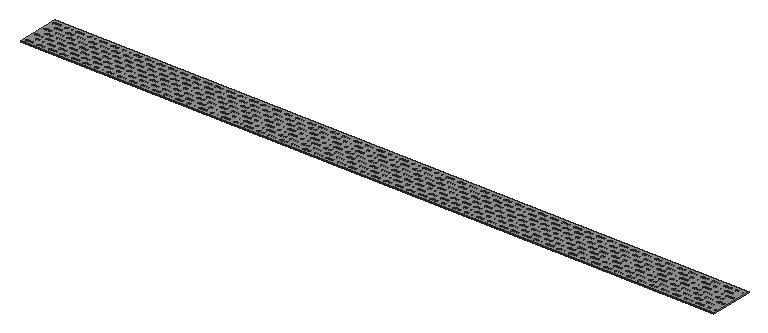
Revit family "Einlegeblech_185_FS_FT_DD_A2", category Generic Models, Revit 2017 (continued)
Dimensions and locks
    , Extrusion 127, Extrusion 128, Extrusion 129, Extrusion 130, Extrusion 131, Extrusion 132, Extrusion 133, Extrusion 134, Extrusion 135, Extrusion 136, Extrusion 137, Extrusion 138, Extrusion 139, Extrusion 140, Extrusion 141, Extrusion 142, Extrusion 143, Extrusion 144, Extrusion 145, Extrusion 146, Extrusion 147, Extrusion 148, Extrusion 149, Extrusion 150, Extrusion 151, Extrusion 152, Extrusion 153, Extrusion 154, Extrusion 155, Extrusion 156, Extrusion 157, Extrusion 158, Extrusion 159, Extrusion 160, Extrusion 161, Extrusion 162, Extrusion 163, Extrusion 164, Extrusion 165, Extrusion 166, Extrusion 167, Extrusion 168, Extrusion 169, Extrusion 170, Extrusion 171, Extrusion 172, Extrusion 173, Extrusion 174, Extrusion 175, Extrusion 176, Extrusion 177, Extrusion 178, Extrusion 179, Extrusion 180, Extrusion 181, Extrusion 182, Extrusion 184, Extrusion 185, Extrusion 186, Extrusion 187, Extrusion 188, Extrusion 189, Extrusion 190, Extrusion 191, Extrusion 192, Extrusion 193, Extrusion 194, Extrusion 195, Extrusion 196, Extrusion 197, Extrusion 198, Extrusion 199, Extrusion 200, Extrusion 201, Extrusion 202, Extrusion 203, Extrusion 204, Extrusion 205, Extrusion 206, Extrusion 207, Extrusion 208, Extrusion 209, Extrusion 210, Extrusion 211, Extrusion 212, Extrusion 213, Extrusion 214, Extrusion 215, Extrusion 216, Extrusion 217, Extrusion 218, Extrusion 219, Extrusion 220, Extrusion 221, Extrusion 222, Extrusion 223, Extrusion 224, Extrusion 225, Extrusion 226, Extrusion 227, Extrusion 228, Extrusion 229, Extrusion 230, Extrusion 231, Extrusion 232, Extrusion 233, Extrusion 234, Extrusion 235, Extrusion 236, Extrusion 237, Extrusion 238, Extrusion 239, Extrusion 240, Extrusion 241, Extrusion 242, Extrusion 243, Extrusion 244, Extrusion 245, Extrusion 246, Extrusion 247, Extrusion 248, Extrusion 249, Extrusion 250, Extrusion 251, Extrusion 252, Extrusion 253, Extrusion 254, Extrusion 255, Extrusion 256, Extrusion 257, Extrusion 258, Extrusion 259, Extrusion 260, Extrusion 261, Extrusion 262, Extrusion 263, Extrusion 264, Extrusion 265, Extrusion 266, Extrusion 267, Extrusion 268, Extrusion 269, Extrusion 270, Extrusion 271, Extrusion 272, Extrusion 273, Extrusion 274, Extrusion 275, Extrusion 276, Extrusion 277, Extrusion 278, Extrusion 279, Extrusion 280, Extrusion 281, Extrusion 282, Extrusion 283, Extrusion 284, Extrusion 285, Extrusion 286, Extrusion 287, Extrusion 288, Extrusion 289, Extrusion 290, Extrusion 291, Extrusion 292, Extrusion 293, Extrusion 294, Extrusion 295, Extrusion 296, Extrusion 297, Extrusion 298, Extrusion 299, Extrusion 300, Extrusion 301, Extrusion 302, Extrusion 303, Extrusion 304, Extrusion 305, Extrusion 306, Extrusion 307, Extrusion 308, Extrusion 309, Extrusion 310, Extrusion 311, Extrusion 312, Extrusion 313, Extrusion 314, Extrusion 315, Extrusion 316, Extrusion 317, Extrusion 318, Extrusion 319, Extrusion 320, Extrusion 321, Extrusion 322, Extrusion 323, Extrusion 324, Extrusion 325, Extrusion 326, Extrusion 327, Extrusion 328, Extrusion 329, Extrusion 330, Extrusion 331, Extrusion 332, Extrusion 333, Extrusion 334, Extrusion 335, Extrusion 336, Extrusion 337, Extrusion 338, Extrusion 339, Extrusion 340, Extrusion 341, Extrusion 342, Extrusion 343, Extrusion 344, Extrusion 345, Extrusion 346, Extrusion 347, Extrusion 348, Extrusion 349, Extrusion 350, Extrusion 351, Extrusion 352, Extrusion 353, Extrusion 354, Extrusion 355, Extrusion 356, Extrusion 357, Extrusion 358, Extrusion 359, Extrusion 360, Extrusion 361, Extrusion 362, Extrusion 363, Extrusion 364, Extrusion 365, Extrusion 366, Extrusion 367, Extrusion 368, Extrusion 369, Extrusion 370, Extrusion 371, Extrusion 372, Extrusion 373, Extrusion 374, Extrusion 375, Extrusion 376, Extrusion 377, Extrusion 378, Extrusion 379, Extrusion 380, Extrusion 381, Extrusion 382, Extrusion 383, Extrusion 384, Extrusion 385, Extrusion 386, Extrusion 387, Extrusion 388, Extrusion 389, Extrusion 390, Extrusion 391, Extrusion 392, Extrusion 393, Extrusion 394, Extrusion 395, Extrusion 396, Extrusion 397, Extrusion 398, Extrusion 399, Extrusion 400, Extrusion 401, Extrusion 402, Extrusion 403, Extrusion 404, Extrusion 405, Extrusion 406, Extrusion 407, Extrusion 408, Extrusion 409, Extrusion 410, Extrusion 411, Extrusion 412, Extrusion 413, Extrusion 414, Extrusion 415, Extrusion 416, Extrusion 417, Extrusion 418, Extrusion 419 at 13.969
  locked: Extrusion 181 sketch curve to Extrusion 181 sketch curve at 7.031
  equal spacing: group 178, group 180, group 181  (x2)
  equal spacing: group 181, group 180, group 178
  locked: Extrusion 182 sketch curve to Extrusion 182 sketch curve at 7.031
  locked: cut or joined group 1 (Extrusion 1, Extrusion 2, Extrusion 3, Extrusion 4, Extrusion 5, Extrusion 6, Extrusion 7, Extrusion 8, Extrusion 9, Extrusion 10, Extrusion 11, Extrusion 12, Extrusion 13, Extrusion 14, Extrusion 15, Extrusion 16, Extrusion 17, Extrusion 18, Extrusion 19, Extrusion 20, Extrusion 21, Extrusion 22, Extrusion 23, Extrusion 24, Extrusion 25, Extrusion 26, Extrusion 27, Extrusion 28, Extrusion 29, Extrusion 30, Extrusion 31, Extrusion 32, Extrusion 33, Extrusion 34, Extrusion 35, Extrusion 36, Extrusion 37, Extrusion 38, Extrusion 39, Extrusion 40, Extrusion 41, Extrusion 42, Extrusion 43, Extrusion 44, Extrusion 45, Extrusion 46, Extrusion 47, Extrusion 48, Extrusion 49, Extrusion 50, Extrusion 51, Extrusion 52, Extrusion 53, Extrusion 54, Extrusion 55, Extrusion 56, Extrusion 57, Extrusion 58, Extrusion 59, Extrusion 60, Extrusion 61, Extrusion 62, Extrusion 63, Extrusion 64, Extrusion 65, Extrusion 66, Extrusion 67, Extrusion 68, Extrusion 69, Extrusion 70, Extrusion 71, Extrusion 72, Extrusion 73, Extrusion 74, Extrusion 75, Extrusion 76, Extrusion 77, Extrusion 78, Extrusion 79, Extrusion 80, Extrusion 81, Extrusion 82, Extrusion 83, Extrusion 84, Extrusion 85, Extrusion 86, Extrusion 87, Extrusion 88, Extrusion 89, Extrusion 90, Extrusion 91, Extrusion 92, Extrusion 93, Extrusion 94, Extrusion 95, Extrusion 96, Extrusion 97, Extrusion 98, Extrusion 99, Extrusion 100, Extrusion 101, Extrusion 102, Extrusion 103, Extrusion 104, Extrusion 105, Extrusion 106, Extrusion 107, Extrusion 108, Extrusion 109, Extrusion 110, Extrusion 111, Extrusion 112, Extrusion 113, Extrusion 114, Extrusion 115, Extrusion 116, Extrusion 117, Extrusion 118, Extrusion 119, Extrusion 120, Extrusion 121, Extrusion 122, Extrusion 123, Extrusion 124, Extrusion 125, Extrusion 126, Extrusion 127, Extrusion 128, Extrusion 129, Extrusion 130, Extrusion 131, Extrusion 132, Extrusion 133, Extrusion 134, Extrusion 135, Extrusion 136, Extrusion 137, Extrusion 138, Extrusion 139, Extrusion 140, Extrusion 141, Extrusion 142, Extrusion 143, Extrusion 144, Extrusion 145, Extrusion 146, Extrusion 147, Extrusion 148, Extrusion 149, Extrusion 150, Extrusion 151, Extrusion 152, Extrusion 153, Extrusion 154, Extrusion 155, Extrusion 156, Extrusion 157, Extrusion 158, Extrusion 159, Extrusion 160, Extrusion 161, Extrusion 162, Extrusion 163, Extrusion 164, Extrusion 165, Extrusion 166, Extrusion 167, Extrusion 168, Extrusion 169, Extrusion 170, Extrusion 171, Extrusion 172, Extrusion 173, Extrusion 174, Extrusion 175, Extrusion 176, Extrusion 177, Extrusion 178, Extrusion 179, Extrusion 180, Extrusion 181, Extrusion 182, Extrusion 184, Extrusion 185, Extrusion 186, Extrusion 187, Extrusion 188, Extrusion 189, Extrusion 190, Extrusion 191, Extrusion 192, Extrusion 193, Extrusion 194, Extrusion 195, Extrusion 196, Extrusion 197, Extrusion 198, Extrusion 199, Extrusion 200, Extrusion 201, Extrusion 202, Extrusion 203, Extrusion 204, Extrusion 205, Extrusion 206, Extrusion 207, Extrusion 208, Extrusion 209, Extrusion 210, Extrusion 211, Extrusion 212, Extrusion 213, Extrusion 214, Extrusion 215, Extrusion 216, Extrusion 217, Extrusion 218, Extrusion 219, Extrusion 220, Extrusion 221, Extrusion 222, Extrusion 223, Extrusion 224, Extrusion 225, Extrusion 226, Extrusion 227, Extrusion 228, Extrusion 229, Extrusion 230, Extrusion 231, Extrusion 232, Extrusion 233, Extrusion 234, Extrusion 235, Extrusion 236, Extrusion 237, Extrusion 238, Extrusion 239, Extrusion 240, Extrusion 241, Extrusion 242, Extrusion 243, Extrusion 244, Extrusion 245, Extrusion 246, Extrusion 247, Extrusion 248, Extrusion 249, Extrusion 250, Extrusion 251, Extrusion 252, Extrusion 253, Extrusion 254, Extrusion 255, Extrusion 256, Extrusion 257, Extrusion 258, Extrusion 259, Extrusion 260, Extrusion 261, Extrusion 262, Extrusion 263, Extrusion 264, Extrusion 265, Extrusion 266, Extrusion 267, Extrusion 268, Extrusion 269, Extrusion 270, Extrusion 271, Extrusion 272, Extrusion 273, Extrusion 274, Extrusion 275, Extrusion 276, Extrusion 277, Extrusion 278, Extrusion 279, Extrusion 280, Extrusion 281, Extrusion 282, Extrusion 283, Extrusion 284, Extrusion 285, Extrusion 286, Extrusion 287, Extrusion 288, Extrusion 289, Extrusion 290, Extrusion 291, Extrusion 292, Extrusion 293, Extrusion 294, Extrusion 295, Extrusion 296, Extrusion 297, Extrusion 298, Extrusion 299, Extrusion 300, Extrusion 301, Extrusion 302, Extrusion 303, Extrusion 304, Extrusion 305, Extrusion 306, Extrusion 307, Extrusion 308, Extrusion 309, Extrusion 310, Extrusion 311, Extrusion 312, Extrusion 313, Extrusion 314, Extrusion 315, Extrusion 316, Extrusion 317, Extrusion 318, Extrusion 319, Extrusion 320, Extrusion 321, Extrusion 322, Extrusion 323, Extrusion 324, Extrusion 325, Extrusion 326, Extrusion 327, Extrusion 328, Extrusion 329, Extrusion 330, Extrusion 331, Extrusion 332, Extrusion 333, Extrusion 334, Extrusion 335, Extrusion 336, Extrusion 337, Extrusion 338, Extrusion 339, Extrusion 340, Extrusion 341, Extrusion 342, Extrusion 343, Extrusion 344, Extrusion 345, Extrusion 346, Extrusion 347, Extrusion 348, Extrusion 349, Extrusion 350, Extrusion 351, Extrusion 352, Extrusion 353, Extrusion 354, Extrusion 355, Extrusion 356, Extrusion 357, Extrusion 358, Extrusion 359, Extrusion 360, Extrusion 361, Extrusion 362, Extrusion 363, Extrusion 364, Extrusion 365, Extrusion 366, Extrusion 367, Extrusion 368, Extrusion 369, Extrusion 370, Extrusion 371, Extrusion 372, Extrusion 373, Extrusion 374, Extrusion 375, Extrusion 376, Extrusion 377, Extrusion 378, Extrusion 379, Extrusion 380, Extrusion 381, Extrusion 382, Extrusion 383, Extrusion 384, Extrusion 385, Extrusion 386, Extrusion 387, Extrusion 388, Extrusion 389, Extrusion 390, Extrusion 391, Extrusion 392, Extrusion 393, Extrusion 394, Extrusion 395, Extrusion 396, Extrusion 397, Extrusion 398, Extrusion 399, Extrusion 400, Extrusion 401, Extrusion 402, Extrusion 403, Extrusion 404, Extrusion 405, Extrusion 406, Extrusion 407, Extrusion 408, Extrusion 409, Extrusion 410, Extrusion 411, Extrusion 412, Extrusion 413, Extrusion 414, Extrusion 415, Extrusion 416, Extrusion 417, Extrusion 418, Extrusion 419) to cut or joined group of Extrusion 1, Extrusion 2, Extrusion 3, Extrusion 4, Extrusion 5, Extrusion 6, Extrusion 7, Extrusion 8, Extrusion 9, Extrusion 10, Extrusion 11, Extrusion 12, Extrusion 13, Extrusion 14, Extrusion 15, Extrusion 16, Extrusion 17, Extrusion 18, Extrusion 19, Extrusion 20, Extrusion 21, Extrusion 22, Extrusion 23, Extrusion 24, Extrusion 25, Extrusion 26, Extrusion 27, Extrusion 28, Extrusion 29, Extrusion 30, Extrusion 31, Extrusion 32, Extrusion 33, Extrusion 34, Extrusion 35, Extrusion 36, Extrusion 37, Extrusion 38, Extrusion 39, Extrusion 40, Extrusion 41, Extrusion 42, Extrusion 43, Extrusion 44, Extrusion 45, Extrusion 46, Extrusion 47, Extrusion 48, Extrusion 49, Extrusion 50, Extrusion 51, Extrusion 52, Extrusion 53, Extrusion 54, Extrusion 55, Extrusion 56, Extrusion 57, Extrusion 58, Extrusion 59, Extrusion 60, Extrusion 61, Extrusion 62, Extrusion 63, Extrusion 64, Extrusion 65, Extrusion 66, Extrusion 67, Extrusion 68, Extrusion 69, Extrusion 70, Extrusion 71, Extrusion 72, Extrusion 73, Extrusion 74, Extrusion 75, Extrusion 76, Extrusion 77, Extrusion 78, Extrusion 79, Extrusion 80, Extrusion 81, Extrusion 82, Extrusion 83, Extrusion 84, Extrusion 85, Extrusion 86, Extrusion 87, Extrusion 88, Extrusion 89, Extrusion 90, Extrusion 91, Extrusion 92, Extrusion 93, Extrusion 94, Extrusion 95, Extrusion 96, Extrusion 97, Extrusion 98, Extrusion 99, Extrusion 100, Extrusion 101, Extrusion 102, Extrusion 103, Extrusion 104, Extrusion 105, Extrusion 106, Extrusion 107, Extrusion 108, Extrusion 109, Extrusion 110, Extrusion 111, Extrusion 112, Extrusion 113, Extrusion 114, Extrusion 115, Extrusion 116, Extrusion 117, Extrusion 118, Extrusion 119, Extrusion 120, Extrusion 121, Extrusion 122, Extrusion 123, Extrusion 124, Extrusion 125, Extrusion 126
    , Extrusion 127, Extrusion 128, Extrusion 129, Extrusion 130, Extrusion 131, Extrusion 132, Extrusion 133, Extrusion 134, Extrusion 135, Extrusion 136, Extrusion 137, Extrusion 138, Extrusion 139, Extrusion 140, Extrusion 141, Extrusion 142, Extrusion 143, Extrusion 144, Extrusion 145, Extrusion 146, Extrusion 147, Extrusion 148, Extrusion 149, Extrusion 150, Extrusion 151, Extrusion 152, Extrusion 153, Extrusion 154, Extrusion 155, Extrusion 156, Extrusion 157, Extrusion 158, Extrusion 159, Extrusion 160, Extrusion 161, Extrusion 162, Extrusion 163, Extrusion 164, Extrusion 165, Extrusion 166, Extrusion 167, Extrusion 168, Extrusion 169, Extrusion 170, Extrusion 171, Extrusion 172, Extrusion 173, Extrusion 174, Extrusion 175, Extrusion 176, Extrusion 177, Extrusion 178, Extrusion 179, Extrusion 180, Extrusion 181, Extrusion 182, Extrusion 184, Extrusion 185, Extrusion 186, Extrusion 187, Extrusion 188, Extrusion 189, Extrusion 190, Extrusion 191, Extrusion 192, Extrusion 193, Extrusion 194, Extrusion 195, Extrusion 196, Extrusion 197, Extrusion 198, Extrusion 199, Extrusion 200, Extrusion 201, Extrusion 202, Extrusion 203, Extrusion 204, Extrusion 205, Extrusion 206, Extrusion 207, Extrusion 208, Extrusion 209, Extrusion 210, Extrusion 211, Extrusion 212, Extrusion 213, Extrusion 214, Extrusion 215, Extrusion 216, Extrusion 217, Extrusion 218, Extrusion 219, Extrusion 220, Extrusion 221, Extrusion 222, Extrusion 223, Extrusion 224, Extrusion 225, Extrusion 226, Extrusion 227, Extrusion 228, Extrusion 229, Extrusion 230, Extrusion 231, Extrusion 232, Extrusion 233, Extrusion 234, Extrusion 235, Extrusion 236, Extrusion 237, Extrusion 238, Extrusion 239, Extrusion 240, Extrusion 241, Extrusion 242, Extrusion 243, Extrusion 244, Extrusion 245, Extrusion 246, Extrusion 247, Extrusion 248, Extrusion 249, Extrusion 250, Extrusion 251, Extrusion 252, Extrusion 253, Extrusion 254, Extrusion 255, Extrusion 256, Extrusion 257, Extrusion 258, Extrusion 259, Extrusion 260, Extrusion 261, Extrusion 262, Extrusion 263, Extrusion 264, Extrusion 265, Extrusion 266, Extrusion 267, Extrusion 268, Extrusion 269, Extrusion 270, Extrusion 271, Extrusion 272, Extrusion 273, Extrusion 274, Extrusion 275, Extrusion 276, Extrusion 277, Extrusion 278, Extrusion 279, Extrusion 280, Extrusion 281, Extrusion 282, Extrusion 283, Extrusion 284, Extrusion 285, Extrusion 286, Extrusion 287, Extrusion 288, Extrusion 289, Extrusion 290, Extrusion 291, Extrusion 292, Extrusion 293, Extrusion 294, Extrusion 295, Extrusion 296, Extrusion 297, Extrusion 298, Extrusion 299, Extrusion 300, Extrusion 301, Extrusion 302, Extrusion 303, Extrusion 304, Extrusion 305, Extrusion 306, Extrusion 307, Extrusion 308, Extrusion 309, Extrusion 310, Extrusion 311, Extrusion 312, Extrusion 313, Extrusion 314, Extrusion 315, Extrusion 316, Extrusion 317, Extrusion 318, Extrusion 319, Extrusion 320, Extrusion 321, Extrusion 322, Extrusion 323, Extrusion 324, Extrusion 325, Extrusion 326, Extrusion 327, Extrusion 328, Extrusion 329, Extrusion 330, Extrusion 331, Extrusion 332, Extrusion 333, Extrusion 334, Extrusion 335, Extrusion 336, Extrusion 337, Extrusion 338, Extrusion 339, Extrusion 340, Extrusion 341, Extrusion 342, Extrusion 343, Extrusion 344, Extrusion 345, Extrusion 346, Extrusion 347, Extrusion 348, Extrusion 349, Extrusion 350, Extrusion 351, Extrusion 352, Extrusion 353, Extrusion 354, Extrusion 355, Extrusion 356, Extrusion 357, Extrusion 358, Extrusion 359, Extrusion 360, Extrusion 361, Extrusion 362, Extrusion 363, Extrusion 364, Extrusion 365, Extrusion 366, Extrusion 367, Extrusion 368, Extrusion 369, Extrusion 370, Extrusion 371, Extrusion 372, Extrusion 373, Extrusion 374, Extrusion 375, Extrusion 376, Extrusion 377, Extrusion 378, Extrusion 379, Extrusion 380, Extrusion 381, Extrusion 382, Extrusion 383, Extrusion 384, Extrusion 385, Extrusion 386, Extrusion 387, Extrusion 388, Extrusion 389, Extrusion 390, Extrusion 391, Extrusion 392, Extrusion 393, Extrusion 394, Extrusion 395, Extrusion 396, Extrusion 397, Extrusion 398, Extrusion 399, Extrusion 400, Extrusion 401, Extrusion 402, Extrusion 403, Extrusion 404, Extrusion 405, Extrusion 406, Extrusion 407, Extrusion 408, Extrusion 409, Extrusion 410, Extrusion 411, Extrusion 412, Extrusion 413, Extrusion 414, Extrusion 415, Extrusion 416, Extrusion 417, Extrusion 418, Extrusion 419 at 14
  locked: Extrusion 183 sketch curve to Extrusion 183 sketch curve at 7.031
  locked: Extrusion 184 sketch curve to Extrusion 184 sketch curve at 7.031
  locked: Extrusion 185 sketch curve to Extrusion 185 sketch curve at 7.031
  group 184 to group 185 = 0 mm  (x2)
  group 184 to group 185 = 50 mm
  locked: Extrusion 186 sketch curve to Extrusion 186 sketch curve at 7.031
  equal spacing: group 184, group 186, group 187  (x2)
  equal spacing: group 187, group 186, group 184
  locked: Extrusion 187 sketch curve to Extrusion 187 sketch curve at 7.031
  equal spacing: group 182, group 188, group 193, group 198, group 203, group 208, group 213, group 218, group 223, group 228, group 233, group 238, group 243, group 248, group 253, group 258, group 263, group 268, group 273, group 278, group 283, group 288, group 293, group 298, group 303, group 308, group 313, group 318, group 323, group 328, group 333, group 338, group 343, group 348, group 353, group 358, group 363, group 368, group 373, group 378, group 383, group 388, group 393, group 398, group 403, group 408, group 413, group 418, group 423, group 428, group 433, group 438, group 443, group 448, group 453, group 458, group 463, group 468, group 473, group 478  (x3)
  locked: Extrusion 188 sketch curve to Extrusion 188 sketch curve at 7.031
  locked: Extrusion 189 sketch curve to Extrusion 189 sketch curve at 7.031
  group 189 to group 190 = 0 mm  (x2)
  group 189 to group 190 = 50 mm
  locked: Extrusion 190 sketch curve to Extrusion 190 sketch curve at 7.031
  equal spacing: group 189, group 191, group 192  (x2)
  equal spacing: group 192, group 191, group 189
  locked: Extrusion 191 sketch curve to Extrusion 191 sketch curve at 7.031
  locked: Extrusion 192 sketch curve to Extrusion 192 sketch curve at 7.031
  locked: Extrusion 193 sketch curve to Extrusion 193 sketch curve at 7.031
  group 194 to group 195 = 0 mm  (x2)
  group 194 to group 195 = 50 mm
  locked: Extrusion 194 sketch curve to Extrusion 194 sketch curve at 7.031
  equal spacing: group 194, group 196, group 197  (x2)
  equal spacing: group 197, group 196, group 194
  locked: Extrusion 195 sketch curve to Extrusion 195 sketch curve at 7.031
  locked: Extrusion 196 sketch curve to Extrusion 196 sketch curve at 7.031
  locked: Extrusion 197 sketch curve to Extrusion 197 sketch curve at 7.031
  group 199 to group 200 = 0 mm  (x2)
  group 199 to group 200 = 50 mm
  locked: Extrusion 198 sketch curve to Extrusion 198 sketch curve at 7.031
  equal spacing: group 199, group 201, group 202  (x2)
  equal spacing: group 202, group 201, group 199
  locked: Extrusion 199 sketch curve to Extrusion 199 sketch curve at 7.031
  locked: Extrusion 200 sketch curve to Extrusion 200 sketch curve at 7.031
  locked: Extrusion 201 sketch curve to Extrusion 201 sketch curve at 7.031
  group 204 to group 205 = 0 mm  (x2)
  group 204 to group 205 = 50 mm
  locked: Extrusion 202 sketch curve to Extrusion 202 sketch curve at 7.031
  equal spacing: group 204, group 206, group 207  (x2)
  equal spacing: group 207, group 206, group 204
  locked: Extrusion 203 sketch curve to Extrusion 203 sketch curve at 7.031
  locked: Extrusion 204 sketch curve to Extrusion 204 sketch curve at 7.031
  locked: Extrusion 205 sketch curve to Extrusion 205 sketch curve at 7.031
  group 209 to group 210 = 0 mm  (x2)
  group 209 to group 210 = 50 mm
  locked: Extrusion 206 sketch curve to Extrusion 206 sketch curve at 7.031
  equal spacing: group 209, group 211, group 212  (x2)
  equal spacing: group 212, group 211, group 209
  locked: Extrusion 207 sketch curve to Extrusion 207 sketch curve at 7.031
  locked: Extrusion 208 sketch curve to Extrusion 208 sketch curve at 7.031
  locked: Extrusion 209 sketch curve to Extrusion 209 sketch curve at 7.031
  group 214 to group 215 = 0 mm  (x2)
  group 214 to group 215 = 50 mm
  locked: Extrusion 210 sketch curve to Extrusion 210 sketch curve at 7.031
  equal spacing: group 214, group 216, group 217  (x2)
  equal spacing: group 217, group 216, group 214
  locked: Extrusion 211 sketch curve to Extrusion 211 sketch curve at 7.031
  locked: Extrusion 212 sketch curve to Extrusion 212 sketch curve at 7.031
  locked: Extrusion 213 sketch curve to Extrusion 213 sketch curve at 7.031
  group 219 to group 220 = 0 mm  (x2)
  group 219 to group 220 = 50 mm
  locked: Extrusion 214 sketch curve to Extrusion 214 sketch curve at 7.031
  equal spacing: group 219, group 221, group 222  (x2)
  equal spacing: group 222, group 221, group 219
  locked: Extrusion 215 sketch curve to Extrusion 215 sketch curve at 7.031
  locked: Extrusion 216 sketch curve to Extrusion 216 sketch curve at 7.031
  locked: Extrusion 217 sketch curve to Extrusion 217 sketch curve at 7.031
  group 224 to group 225 = 0 mm  (x2)
  group 224 to group 225 = 50 mm
  locked: Extrusion 218 sketch curve to Extrusion 218 sketch curve at 7.031
  equal spacing: group 224, group 226, group 227  (x2)
  equal spacing: group 227, group 226, group 224
  locked: Extrusion 219 sketch curve to Extrusion 219 sketch curve at 7.031
  locked: Extrusion 220 sketch curve to Extrusion 220 sketch curve at 7.031
  locked: Extrusion 221 sketch curve to Extrusion 221 sketch curve at 7.031
  group 229 to group 230 = 0 mm  (x2)
  group 229 to group 230 = 50 mm
  locked: Extrusion 222 sketch curve to Extrusion 222 sketch curve at 7.031
  equal spacing: group 229, group 231, group 232  (x2)
  equal spacing: group 232, group 231, group 229
  locked: Extrusion 223 sketch curve to Extrusion 223 sketch curve at 7.031
  locked: Extrusion 224 sketch curve to Extrusion 224 sketch curve at 7.031
  locked: Extrusion 225 sketch curve to Extrusion 225 sketch curve at 7.031
  group 234 to group 235 = 0 mm  (x2)
  group 234 to group 235 = 50 mm
  locked: Extrusion 226 sketch curve to Extrusion 226 sketch curve at 7.031
  equal spacing: group 234, group 236, group 237  (x2)
  equal spacing: group 237, group 236, group 234
  locked: Extrusion 227 sketch curve to Extrusion 227 sketch curve at 7.031
  locked: Extrusion 228 sketch curve to Extrusion 228 sketch curve at 7.031
  locked: Extrusion 229 sketch curve to Extrusion 229 sketch curve at 7.031
  group 239 to group 240 = 0 mm  (x2)
  group 239 to group 240 = 50 mm
  locked: Extrusion 230 sketch curve to Extrusion 230 sketch curve at 7.031
  equal spacing: group 239, group 241, group 242  (x2)
  equal spacing: group 242, group 241, group 239
  locked: Extrusion 231 sketch curve to Extrusion 231 sketch curve at 7.031
  locked: Extrusion 232 sketch curve to Extrusion 232 sketch curve at 7.031
  locked: Extrusion 233 sketch curve to Extrusion 233 sketch curve at 7.031
  group 244 to group 245 = 0 mm  (x2)
  group 244 to group 245 = 50 mm
  locked: Extrusion 234 sketch curve to Extrusion 234 sketch curve at 7.031
  equal spacing: group 244, group 246, group 247  (x2)
  equal spacing: group 247, group 246, group 244
  locked: Extrusion 235 sketch curve to Extrusion 235 sketch curve at 7.031
  locked: Extrusion 236 sketch curve to Extrusion 236 sketch curve at 7.031
  locked: Extrusion 237 sketch curve to Extrusion 237 sketch curve at 7.031
  group 249 to group 250 = 0 mm  (x2)
  group 249 to group 250 = 50 mm
  locked: Extrusion 238 sketch curve to Extrusion 238 sketch curve at 7.031
  equal spacing: group 249, group 251, group 252  (x2)
  equal spacing: group 252, group 251, group 249
  locked: Extrusion 239 sketch curve to Extrusion 239 sketch curve at 7.031
  locked: Extrusion 240 sketch curve to Extrusion 240 sketch curve at 7.031
  locked: Extrusion 241 sketch curve to Extrusion 241 sketch curve at 7.031
  group 254 to group 255 = 0 mm  (x2)
  group 254 to group 255 = 50 mm
  locked: Extrusion 242 sketch curve to Extrusion 242 sketch curve at 7.031
  equal spacing: group 254, group 256, group 257  (x2)
  equal spacing: group 257, group 256, group 254
  locked: Extrusion 243 sketch curve to Extrusion 243 sketch curve at 7.031
  locked: Extrusion 244 sketch curve to Extrusion 244 sketch curve at 7.031
  locked: Extrusion 245 sketch curve to Extrusion 245 sketch curve at 7.031
  group 259 to group 260 = 0 mm  (x2)
  group 259 to group 260 = 50 mm
  locked: Extrusion 246 sketch curve to Extrusion 246 sketch curve at 7.031
  equal spacing: group 259, group 261, group 262  (x2)
  equal spacing: group 262, group 261, group 259
  locked: Extrusion 247 sketch curve to Extrusion 247 sketch curve at 7.031
  locked: Extrusion 248 sketch curve to Extrusion 248 sketch curve at 7.031
  locked: Extrusion 249 sketch curve to Extrusion 249 sketch curve at 7.031
  group 264 to group 265 = 0 mm  (x2)
  group 264 to group 265 = 50 mm
  locked: Extrusion 250 sketch curve to Extrusion 250 sketch curve at 7.031
  equal spacing: group 264, group 266, group 267  (x2)
  equal spacing: group 267, group 266, group 264
  locked: Extrusion 251 sketch curve to Extrusion 251 sketch curve at 7.031
  locked: Extrusion 252 sketch curve to Extrusion 252 sketch curve at 7.031
  locked: Extrusion 253 sketch curve to Extrusion 253 sketch curve at 7.031
  group 269 to group 270 = 0 mm  (x2)
  group 269 to group 270 = 50 mm
  locked: Extrusion 254 sketch curve to Extrusion 254 sketch curve at 7.031
  equal spacing: group 269, group 271, group 272  (x2)
  equal spacing: group 272, group 271, group 269
  locked: Extrusion 255 sketch curve to Extrusion 255 sketch curve at 7.031
  locked: Extrusion 256 sketch curve to Extrusion 256 sketch curve at 7.031
  locked: Extrusion 257 sketch curve to Extrusion 257 sketch curve at 7.031
  group 274 to group 275 = 0 mm  (x2)
  group 274 to group 275 = 50 mm
  locked: Extrusion 258 sketch curve to Extrusion 258 sketch curve at 7.031
  equal spacing: group 274, group 276, group 277  (x2)
  equal spacing: group 277, group 276, group 274
  locked: Extrusion 259 sketch curve to Extrusion 259 sketch curve at 7.031
  locked: Extrusion 260 sketch curve to Extrusion 260 sketch curve at 7.031
  locked: Extrusion 261 sketch curve to Extrusion 261 sketch curve at 7.031
  group 279 to group 280 = 0 mm  (x2)
  group 279 to group 280 = 50 mm
  locked: Extrusion 262 sketch curve to Extrusion 262 sketch curve at 7.031
  equal spacing: group 279, group 281, group 282  (x2)
  equal spacing: group 282, group 281, group 279
  locked: Extrusion 263 sketch curve to Extrusion 263 sketch curve at 7.031
  locked: Extrusion 264 sketch curve to Extrusion 264 sketch curve at 7.031
  locked: Extrusion 265 sketch curve to Extrusion 265 sketch curve at 7.031
  group 284 to group 285 = 0 mm  (x2)
  group 284 to group 285 = 50 mm
  locked: Extrusion 266 sketch curve to Extrusion 266 sketch curve at 7.031
  equal spacing: group 284, group 286, group 287  (x2)
  equal spacing: group 287, group 286, group 284
  locked: Extrusion 267 sketch curve to Extrusion 267 sketch curve at 7.031
  locked: Extrusion 268 sketch curve to Extrusion 268 sketch curve at 7.031
  locked: Extrusion 269 sketch curve to Extrusion 269 sketch curve at 7.031
  group 289 to group 290 = 0 mm  (x2)
  group 289 to group 290 = 50 mm
  locked: Extrusion 270 sketch curve to Extrusion 270 sketch curve at 7.031
  equal spacing: group 289, group 291, group 292  (x2)
  equal spacing: group 292, group 291, group 289
  locked: Extrusion 271 sketch curve to Extrusion 271 sketch curve at 7.031
  locked: Extrusion 272 sketch curve to Extrusion 272 sketch curve at 7.031
  locked: Extrusion 273 sketch curve to Extrusion 273 sketch curve at 7.031
  group 294 to group 295 = 0 mm  (x2)
  group 294 to group 295 = 50 mm
  locked: Extrusion 274 sketch curve to Extrusion 274 sketch curve at 7.031
  equal spacing: group 294, group 296, group 297  (x2)
  equal spacing: group 297, group 296, group 294
  locked: Extrusion 275 sketch curve to Extrusion 275 sketch curve at 7.031
  locked: Extrusion 276 sketch curve to Extrusion 276 sketch curve at 7.031
  locked: Extrusion 277 sketch curve to Extrusion 277 sketch curve at 7.031
  group 299 to group 300 = 0 mm  (x2)
  group 299 to group 300 = 50 mm
  locked: Extrusion 278 sketch curve to Extrusion 278 sketch curve at 7.031
  equal spacing: group 299, group 301, group 302  (x2)
  equal spacing: group 302, group 301, group 299
  locked: Extrusion 279 sketch curve to Extrusion 279 sketch curve at 7.031
  locked: Extrusion 280 sketch curve to Extrusion 280 sketch curve at 7.031
  locked: Extrusion 281 sketch curve to Extrusion 281 sketch curve at 7.031
  group 304 to group 305 = 0 mm  (x2)
  group 304 to group 305 = 50 mm
  locked: Extrusion 282 sketch curve to Extrusion 282 sketch curve at 7.031
  equal spacing: group 304, group 306, group 307  (x2)
  equal spacing: group 307, group 306, group 304
  locked: Extrusion 283 sketch curve to Extrusion 283 sketch curve at 7.031
  locked: Extrusion 284 sketch curve to Extrusion 284 sketch curve at 7.031
  locked: Extrusion 285 sketch curve to Extrusion 285 sketch curve at 7.031
  group 309 to group 310 = 0 mm  (x2)
  group 309 to group 310 = 50 mm
  locked: Extrusion 286 sketch curve to Extrusion 286 sketch curve at 7.031
  equal spacing: group 309, group 311, group 312  (x2)
  equal spacing: group 312, group 311, group 309
  locked: Extrusion 287 sketch curve to Extrusion 287 sketch curve at 7.031
  locked: Extrusion 288 sketch curve to Extrusion 288 sketch curve at 7.031
  locked: Extrusion 289 sketch curve to Extrusion 289 sketch curve at 7.031
  group 314 to group 315 = 0 mm  (x2)
  group 314 to group 315 = 50 mm
  locked: Extrusion 290 sketch curve to Extrusion 290 sketch curve at 7.031
  equal spacing: group 314, group 316, group 317  (x2)
  equal spacing: group 317, group 316, group 314
  locked: Extrusion 291 sketch curve to Extrusion 291 sketch curve at 7.031
  locked: Extrusion 292 sketch curve to Extrusion 292 sketch curve at 7.031
  locked: Extrusion 293 sketch curve to Extrusion 293 sketch curve at 7.031
  group 319 to group 320 = 0 mm  (x2)
  group 319 to group 320 = 50 mm
  locked: Extrusion 294 sketch curve to Extrusion 294 sketch curve at 7.031
  equal spacing: group 319, group 321, group 322  (x2)
  equal spacing: group 322, group 321, group 319
  locked: Extrusion 295 sketch curve to Extrusion 295 sketch curve at 7.031
  locked: Extrusion 296 sketch curve to Extrusion 296 sketch curve at 7.031
  locked: Extrusion 297 sketch curve to Extrusion 297 sketch curve at 7.031
  group 324 to group 325 = 0 mm  (x2)
  group 324 to group 325 = 50 mm
  locked: Extrusion 298 sketch curve to Extrusion 298 sketch curve at 7.031
  equal spacing: group 324, group 326, group 327  (x2)
  equal spacing: group 327, group 326, group 324
  locked: Extrusion 299 sketch curve to Extrusion 299 sketch curve at 7.031
  locked: Extrusion 300 sketch curve to Extrusion 300 sketch curve at 7.031
  locked: Extrusion 301 sketch curve to Extrusion 301 sketch curve at 7.031
  group 329 to group 330 = 0 mm  (x2)
  group 329 to group 330 = 50 mm
  locked: Extrusion 302 sketch curve to Extrusion 302 sketch curve at 7.031
  equal spacing: group 329, group 331, group 332  (x2)
  equal spacing: group 332, group 331, group 329
  locked: Extrusion 303 sketch curve to Extrusion 303 sketch curve at 7.031
  locked: Extrusion 304 sketch curve to Extrusion 304 sketch curve at 7.031
  locked: Extrusion 305 sketch curve to Extrusion 305 sketch curve at 7.031
  group 334 to group 335 = 0 mm  (x2)
  group 334 to group 335 = 50 mm
  locked: Extrusion 306 sketch curve to Extrusion 306 sketch curve at 7.031
  equal spacing: group 334, group 336, group 337  (x2)
  equal spacing: group 337, group 336, group 334
  locked: Extrusion 307 sketch curve to Extrusion 307 sketch curve at 7.031
  locked: Extrusion 308 sketch curve to Extrusion 308 sketch curve at 7.031
  locked: Extrusion 309 sketch curve to Extrusion 309 sketch curve at 7.031
  group 339 to group 340 = 0 mm  (x2)
  group 339 to group 340 = 50 mm
  locked: Extrusion 310 sketch curve to Extrusion 310 sketch curve at 7.031
  equal spacing: group 339, group 341, group 342  (x2)
  equal spacing: group 342, group 341, group 339
  locked: Extrusion 311 sketch curve to Extrusion 311 sketch curve at 7.031
  locked: Extrusion 312 sketch curve to Extrusion 312 sketch curve at 7.031
  locked: Extrusion 313 sketch curve to Extrusion 313 sketch curve at 7.031
  group 344 to group 345 = 0 mm  (x2)
  group 344 to group 345 = 50 mm
  locked: Extrusion 314 sketch curve to Extrusion 314 sketch curve at 7.031
  equal spacing: group 344, group 346, group 347  (x2)
  equal spacing: group 347, group 346, group 344
  locked: Extrusion 315 sketch curve to Extrusion 315 sketch curve at 7.031
  locked: Extrusion 316 sketch curve to Extrusion 316 sketch curve at 7.031
  locked: Extrusion 317 sketch curve to Extrusion 317 sketch curve at 7.031
  group 349 to group 350 = 0 mm  (x2)
  group 349 to group 350 = 50 mm
  locked: Extrusion 318 sketch curve to Extrusion 318 sketch curve at 7.031
  equal spacing: group 349, group 351, group 352  (x2)
  equal spacing: group 352, group 351, group 349
  locked: Extrusion 319 sketch curve to Extrusion 319 sketch curve at 7.031
  locked: Extrusion 320 sketch curve to Extrusion 320 sketch curve at 7.031
  locked: Extrusion 321 sketch curve to Extrusion 321 sketch curve at 7.031
  group 354 to group 355 = 0 mm  (x2)
  group 354 to group 355 = 50 mm
  locked: Extrusion 322 sketch curve to Extrusion 322 sketch curve at 7.031
  equal spacing: group 354, group 356, group 357  (x2)
  equal spacing: group 357, group 356, group 354
  locked: Extrusion 323 sketch curve to Extrusion 323 sketch curve at 7.031
  locked: Extrusion 324 sketch curve to Extrusion 324 sketch curve at 7.031
  locked: Extrusion 325 sketch curve to Extrusion 325 sketch curve at 7.031
  group 359 to group 360 = 0 mm  (x2)
  group 359 to group 360 = 50 mm
  locked: Extrusion 326 sketch curve to Extrusion 326 sketch curve at 7.031
  equal spacing: group 359, group 361, group 362  (x2)
  equal spacing: group 362, group 361, group 359
  locked: Extrusion 327 sketch curve to Extrusion 327 sketch curve at 7.031
  locked: Extrusion 328 sketch curve to Extrusion 328 sketch curve at 7.031
  locked: Extrusion 329 sketch curve to Extrusion 329 sketch curve at 7.031
  group 364 to group 365 = 0 mm  (x2)
  group 364 to group 365 = 50 mm
  locked: Extrusion 330 sketch curve to Extrusion 330 sketch curve at 7.031
  equal spacing: group 364, group 366, group 367  (x2)
  equal spacing: group 367, group 366, group 364
  locked: Extrusion 331 sketch curve to Extrusion 331 sketch curve at 7.031
  locked: Extrusion 332 sketch curve to Extrusion 332 sketch curve at 7.031
  locked: Extrusion 333 sketch curve to Extrusion 333 sketch curve at 7.031
  group 369 to group 370 = 0 mm  (x2)
  group 369 to group 370 = 50 mm
  locked: Extrusion 334 sketch curve to Extrusion 334 sketch curve at 7.031
  equal spacing: group 369, group 371, group 372  (x2)
  equal spacing: group 372, group 371, group 369
  locked: Extrusion 335 sketch curve to Extrusion 335 sketch curve at 7.031
  locked: Extrusion 336 sketch curve to Extrusion 336 sketch curve at 7.031
  locked: Extrusion 337 sketch curve to Extrusion 337 sketch curve at 7.031
  group 374 to group 375 = 0 mm  (x2)
  group 374 to group 375 = 50 mm
  locked: Extrusion 338 sketch curve to Extrusion 338 sketch curve at 7.031
  equal spacing: group 374, group 376, group 377  (x2)
  equal spacing: group 377, group 376, group 374
  locked: Extrusion 339 sketch curve to Extrusion 339 sketch curve at 7.031
  locked: Extrusion 340 sketch curve to Extrusion 340 sketch curve at 7.031
  locked: Extrusion 341 sketch curve to Extrusion 341 sketch curve at 7.031
  group 379 to group 380 = 0 mm  (x2)
  group 379 to group 380 = 50 mm
  locked: Extrusion 342 sketch curve to Extrusion 342 sketch curve at 7.031
  equal spacing: group 379, group 381, group 382  (x2)
  equal spacing: group 382, group 381, group 379
  locked: Extrusion 343 sketch curve to Extrusion 343 sketch curve at 7.031
  locked: Extrusion 344 sketch curve to Extrusion 344 sketch curve at 7.031
  locked: Extrusion 345 sketch curve to Extrusion 345 sketch curve at 7.031
  group 384 to group 385 = 0 mm  (x2)
  group 384 to group 385 = 50 mm
  locked: Extrusion 346 sketch curve to Extrusion 346 sketch curve at 7.031
  equal spacing: group 384, group 386, group 387  (x2)
  equal spacing: group 387, group 386, group 384
  locked: Extrusion 347 sketch curve to Extrusion 347 sketch curve at 7.031
  locked: Extrusion 348 sketch curve to Extrusion 348 sketch curve at 7.031
  locked: Extrusion 349 sketch curve to Extrusion 349 sketch curve at 7.031
  group 389 to group 390 = 0 mm  (x2)
  group 389 to group 390 = 50 mm
  locked: Extrusion 350 sketch curve to Extrusion 350 sketch curve at 7.031
  equal spacing: group 389, group 391, group 392  (x2)
  equal spacing: group 392, group 391, group 389
  locked: Extrusion 351 sketch curve to Extrusion 351 sketch curve at 7.031
  locked: Extrusion 352 sketch curve to Extrusion 352 sketch curve at 7.031
  locked: Extrusion 353 sketch curve to Extrusion 353 sketch curve at 7.031
  group 394 to group 395 = 0 mm  (x2)
  group 394 to group 395 = 50 mm
  locked: Extrusion 354 sketch curve to Extrusion 354 sketch curve at 7.031
  equal spacing: group 394, group 396, group 397  (x2)
  equal spacing: group 397, group 396, group 394
  locked: Extrusion 355 sketch curve to Extrusion 355 sketch curve at 7.031
  locked: Extrusion 356 sketch curve to Extrusion 356 sketch curve at 7.031
  locked: Extrusion 357 sketch curve to Extrusion 357 sketch curve at 7.031
  group 399 to group 400 = 0 mm  (x2)
  group 399 to group 400 = 50 mm
  locked: Extrusion 358 sketch curve to Extrusion 358 sketch curve at 7.031
  equal spacing: group 399, group 401, group 402  (x2)
  equal spacing: group 402, group 401, group 399
  locked: Extrusion 359 sketch curve to Extrusion 359 sketch curve at 7.031
  locked: Extrusion 360 sketch curve to Extrusion 360 sketch curve at 7.031
  locked: Extrusion 361 sketch curve to Extrusion 361 sketch curve at 7.031
  group 404 to group 405 = 0 mm  (x2)
  group 404 to group 405 = 50 mm
  locked: Extrusion 362 sketch curve to Extrusion 362 sketch curve at 7.031
  equal spacing: group 404, group 406, group 407  (x2)
  equal spacing: group 407, group 406, group 404
  locked: Extrusion 363 sketch curve to Extrusion 363 sketch curve at 7.031
  locked: Extrusion 364 sketch curve to Extrusion 364 sketch curve at 7.031
  locked: Extrusion 365 sketch curve to Extrusion 365 sketch curve at 7.031
  group 409 to group 410 = 0 mm  (x2)
  group 409 to group 410 = 50 mm
  locked: Extrusion 366 sketch curve to Extrusion 366 sketch curve at 7.031
  equal spacing: group 409, group 411, group 412  (x2)
  equal spacing: group 412, group 411, group 409
  locked: Extrusion 367 sketch curve to Extrusion 367 sketch curve at 7.031
  locked: Extrusion 368 sketch curve to Extrusion 368 sketch curve at 7.031
  locked: Extrusion 369 sketch curve to Extrusion 369 sketch curve at 7.031
  group 414 to group 415 = 0 mm  (x2)
  group 414 to group 415 = 50 mm
  locked: Extrusion 370 sketch curve to Extrusion 370 sketch curve at 7.031
  equal spacing: group 414, group 416, group 417  (x2)
  equal spacing: group 417, group 416, group 414
  locked: Extrusion 371 sketch curve to Extrusion 371 sketch curve at 7.031
  locked: Extrusion 372 sketch curve to Extrusion 372 sketch curve at 7.031
  locked: Extrusion 373 sketch curve to Extrusion 373 sketch curve at 7.031
  group 419 to group 420 = 0 mm  (x2)
  group 419 to group 420 = 50 mm
  locked: Extrusion 374 sketch curve to Extrusion 374 sketch curve at 7.031
  equal spacing: group 419, group 421, group 422  (x2)
  equal spacing: group 422, group 421, group 419
  locked: Extrusion 375 sketch curve to Extrusion 375 sketch curve at 7.031
  locked: Extrusion 376 sketch curve to Extrusion 376 sketch curve at 7.031
  locked: Extrusion 377 sketch curve to Extrusion 377 sketch curve at 7.031
  group 424 to group 425 = 0 mm  (x2)
  group 424 to group 425 = 50 mm
  locked: Extrusion 378 sketch curve to Extrusion 378 sketch curve at 7.031
  equal spacing: group 424, group 426, group 427  (x2)
  equal spacing: group 427, group 426, group 424
  locked: Extrusion 379 sketch curve to Extrusion 379 sketch curve at 7.031
  locked: Extrusion 380 sketch curve to Extrusion 380 sketch curve at 7.031
  locked: Extrusion 381 sketch curve to Extrusion 381 sketch curve at 7.031
  group 429 to group 430 = 0 mm  (x2)
  group 429 to group 430 = 50 mm
  locked: Extrusion 382 sketch curve to Extrusion 382 sketch curve at 7.031
  equal spacing: group 429, group 431, group 432  (x2)
  equal spacing: group 432, group 431, group 429
  locked: Extrusion 383 sketch curve to Extrusion 383 sketch curve at 7.031
  locked: Extrusion 384 sketch curve to Extrusion 384 sketch curve at 7.031
  locked: Extrusion 385 sketch curve to Extrusion 385 sketch curve at 7.031
  group 434 to group 435 = 0 mm  (x2)
  group 434 to group 435 = 50 mm
  locked: Extrusion 386 sketch curve to Extrusion 386 sketch curve at 7.031
  equal spacing: group 434, group 436, group 437  (x2)
  equal spacing: group 437, group 436, group 434
  locked: Extrusion 387 sketch curve to Extrusion 387 sketch curve at 7.031
  locked: Extrusion 388 sketch curve to Extrusion 388 sketch curve at 7.031
  locked: Extrusion 389 sketch curve to Extrusion 389 sketch curve at 7.031
  group 439 to group 440 = 0 mm  (x2)
  group 439 to group 440 = 50 mm
  locked: Extrusion 390 sketch curve to Extrusion 390 sketch curve at 7.031
  equal spacing: group 439, group 441, group 442  (x2)
  equal spacing: group 442, group 441, group 439
  locked: Extrusion 391 sketch curve to Extrusion 391 sketch curve at 7.031
  locked: Extrusion 392 sketch curve to Extrusion 392 sketch curve at 7.031
  locked: Extrusion 393 sketch curve to Extrusion 393 sketch curve at 7.031
  group 444 to group 445 = 0 mm  (x2)
  group 444 to group 445 = 50 mm
  locked: Extrusion 394 sketch curve to Extrusion 394 sketch curve at 7.031
  equal spacing: group 444, group 446, group 447  (x2)
  equal spacing: group 447, group 446, group 444
  locked: Extrusion 395 sketch curve to Extrusion 395 sketch curve at 7.031
  locked: Extrusion 396 sketch curve to Extrusion 396 sketch curve at 7.031
  locked: Extrusion 397 sketch curve to Extrusion 397 sketch curve at 7.031
  group 449 to group 450 = 0 mm  (x2)
  group 449 to group 450 = 50 mm
  locked: Extrusion 398 sketch curve to Extrusion 398 sketch curve at 7.031
  equal spacing: group 449, group 451, group 452  (x2)
  equal spacing: group 452, group 451, group 449
  locked: Extrusion 399 sketch curve to Extrusion 399 sketch curve at 7.031
  locked: Extrusion 400 sketch curve to Extrusion 400 sketch curve at 7.031
  locked: Extrusion 401 sketch curve to Extrusion 401 sketch curve at 7.031
  group 454 to group 455 = 0 mm  (x2)
  group 454 to group 455 = 50 mm
  locked: Extrusion 402 sketch curve to Extrusion 402 sketch curve at 7.031
  equal spacing: group 454, group 456, group 457  (x2)
  equal spacing: group 457, group 456, group 454
  locked: Extrusion 403 sketch curve to Extrusion 403 sketch curve at 7.031
  locked: Extrusion 404 sketch curve to Extrusion 404 sketch curve at 7.031
  locked: Extrusion 405 sketch curve to Extrusion 405 sketch curve at 7.031
  group 459 to group 460 = 0 mm  (x2)
  group 459 to group 460 = 50 mm
  locked: Extrusion 406 sketch curve to Extrusion 406 sketch curve at 7.031
  equal spacing: group 459, group 461, group 462  (x2)
  equal spacing: group 462, group 461, group 459
  locked: Extrusion 407 sketch curve to Extrusion 407 sketch curve at 7.031
  locked: Extrusion 408 sketch curve to Extrusion 408 sketch curve at 7.031
  locked: Extrusion 409 sketch curve to Extrusion 409 sketch curve at 7.031
  group 464 to group 465 = 0 mm  (x2)
  group 464 to group 465 = 50 mm
  locked: Extrusion 410 sketch curve to Extrusion 410 sketch curve at 7.031
  equal spacing: group 464, group 466, group 467  (x2)
  equal spacing: group 467, group 466, group 464
  locked: Extrusion 411 sketch curve to Extrusion 411 sketch curve at 7.031
  locked: Extrusion 412 sketch curve to Extrusion 412 sketch curve at 7.031
  locked: Extrusion 413 sketch curve to Extrusion 413 sketch curve at 7.031
  group 469 to group 470 = 0 mm  (x2)
  group 469 to group 470 = 50 mm
  locked: Extrusion 414 sketch curve to Extrusion 414 sketch curve at 7.031
  equal spacing: group 469, group 471, group 472  (x2)
  equal spacing: group 472, group 471, group 469
  locked: Extrusion 415 sketch curve to Extrusion 415 sketch curve at 7.031
  locked: Extrusion 416 sketch curve to Extrusion 416 sketch curve at 7.031
  locked: Extrusion 417 sketch curve to Extrusion 417 sketch curve at 7.031
  group 474 to group 475 = 0 mm  (x2)
  group 474 to group 475 = 50 mm
  locked: Extrusion 418 sketch curve to Extrusion 418 sketch curve at 7.031
  equal spacing: group 474, group 476, group 477  (x2)
  equal spacing: group 477, group 476, group 474
  locked: Extrusion 419 sketch curve to Extrusion 419 sketch curve at 7.031
  "Length": cut or joined group 1 to cut or joined group of Extrusion 1, Extrusion 2, Extrusion 3, Extrusion 4, Extrusion 5, Extrusion 6, Extrusion 7, Extrusion 8, Extrusion 9, Extrusion 10, Extrusion 11, Extrusion 12, Extrusion 13, Extrusion 14, Extrusion 15, Extrusion 16, Extrusion 17, Extrusion 18, Extrusion 19, Extrusion 20, Extrusion 21, Extrusion 22, Extrusion 23, Extrusion 24, Extrusion 25, Extrusion 26, Extrusion 27, Extrusion 28, Extrusion 29, Extrusion 30, Extrusion 31, Extrusion 32, Extrusion 33, Extrusion 34, Extrusion 35, Extrusion 36, Extrusion 37, Extrusion 38, Extrusion 39, Extrusion 40, Extrusion 41, Extrusion 42, Extrusion 43, Extrusion 44, Extrusion 45, Extrusion 46, Extrusion 47, Extrusion 48, Extrusion 49, Extrusion 50, Extrusion 51, Extrusion 52, Extrusion 53, Extrusion 54, Extrusion 55, Extrusion 56, Extrusion 57, Extrusion 58, Extrusion 59, Extrusion 60, Extrusion 61, Extrusion 62, Extrusion 63, Extrusion 64, Extrusion 65, Extrusion 66, Extrusion 67, Extrusion 68, Extrusion 69, Extrusion 70, Extrusion 71, Extrusion 72, Extrusion 73, Extrusion 74, Extrusion 75, Extrusion 76, Extrusion 77, Extrusion 78, Extrusion 79, Extrusion 80, Extrusion 81, Extrusion 82, Extrusion 83, Extrusion 84, Extrusion 85, Extrusion 86, Extrusion 87, Extrusion 88, Extrusion 89, Extrusion 90, Extrusion 91, Extrusion 92, Extrusion 93, Extrusion 94, Extrusion 95, Extrusion 96, Extrusion 97, Extrusion 98, Extrusion 99, Extrusion 100, Extrusion 101, Extrusion 102, Extrusion 103, Extrusion 104, Extrusion 105, Extrusion 106, Extrusion 107, Extrusion 108, Extrusion 109, Extrusion 110, Extrusion 111, Extrusion 112, Extrusion 113, Extrusion 114, Extrusion 115, Extrusion 116, Extrusion 117, Extrusion 118, Extrusion 119, Extrusion 120, Extrusion 121, Extrusion 122, Extrusion 123, Extrusion 124, Extrusion 125, Extrusion 1
    26, Extrusion 127, Extrusion 128, Extrusion 129, Extrusion 130, Extrusion 131, Extrusion 132, Extrusion 133, Extrusion 134, Extrusion 135, Extrusion 136, Extrusion 137, Extrusion 138, Extrusion 139, Extrusion 140, Extrusion 141, Extrusion 142, Extrusion 143, Extrusion 144, Extrusion 145, Extrusion 146, Extrusion 147, Extrusion 148, Extrusion 149, Extrusion 150, Extrusion 151, Extrusion 152, Extrusion 153, Extrusion 154, Extrusion 155, Extrusion 156, Extrusion 157, Extrusion 158, Extrusion 159, Extrusion 160, Extrusion 161, Extrusion 162, Extrusion 163, Extrusion 164, Extrusion 165, Extrusion 166, Extrusion 167, Extrusion 168, Extrusion 169, Extrusion 170, Extrusion 171, Extrusion 172, Extrusion 173, Extrusion 174, Extrusion 175, Extrusion 176, Extrusion 177, Extrusion 178, Extrusion 179, Extrusion 180, Extrusion 181, Extrusion 182, Extrusion 184, Extrusion 185, Extrusion 186, Extrusion 187, Extrusion 188, Extrusion 189, Extrusion 190, Extrusion 191, Extrusion 192, Extrusion 193, Extrusion 194, Extrusion 195, Extrusion 196, Extrusion 197, Extrusion 198, Extrusion 199, Extrusion 200, Extrusion 201, Extrusion 202, Extrusion 203, Extrusion 204, Extrusion 205, Extrusion 206, Extrusion 207, Extrusion 208, Extrusion 209, Extrusion 210, Extrusion 211, Extrusion 212, Extrusion 213, Extrusion 214, Extrusion 215, Extrusion 216, Extrusion 217, Extrusion 218, Extrusion 219, Extrusion 220, Extrusion 221, Extrusion 222, Extrusion 223, Extrusion 224, Extrusion 225, Extrusion 226, Extrusion 227, Extrusion 228, Extrusion 229, Extrusion 230, Extrusion 231, Extrusion 232, Extrusion 233, Extrusion 234, Extrusion 235, Extrusion 236, Extrusion 237, Extrusion 238, Extrusion 239, Extrusion 240, Extrusion 241, Extrusion 242, Extrusion 243, Extrusion 244, Extrusion 245, Extrusion 246, Extrusion 247, Extrusion 248, Extrusion 249, Extrusion 250, Extrusion 251, Extrusion 252, Extrusion 253, Extrusion 254, Extrusion 255, Extrusion 256, Extrusion 257, Extrusion 258, Extrusion 259, Extrusion 260, Extrusion 261, Extrusion 262, Extrusion 263, Extrusion 264, Extrusion 265, Extrusion 266, Extrusion 267, Extrusion 268, Extrusion 269, Extrusion 270, Extrusion 271, Extrusion 272, Extrusion 273, Extrusion 274, Extrusion 275, Extrusion 276, Extrusion 277, Extrusion 278, Extrusion 279, Extrusion 280, Extrusion 281, Extrusion 282, Extrusion 283, Extrusion 284, Extrusion 285, Extrusion 286, Extrusion 287, Extrusion 288, Extrusion 289, Extrusion 290, Extrusion 291, Extrusion 292, Extrusion 293, Extrusion 294, Extrusion 295, Extrusion 296, Extrusion 297, Extrusion 298, Extrusion 299, Extrusion 300, Extrusion 301, Extrusion 302, Extrusion 303, Extrusion 304, Extrusion 305, Extrusion 306, Extrusion 307, Extrusion 308, Extrusion 309, Extrusion 310, Extrusion 311, Extrusion 312, Extrusion 313, Extrusion 314, Extrusion 315, Extrusion 316, Extrusion 317, Extrusion 318, Extrusion 319, Extrusion 320, Extrusion 321, Extrusion 322, Extrusion 323, Extrusion 324, Extrusion 325, Extrusion 326, Extrusion 327, Extrusion 328, Extrusion 329, Extrusion 330, Extrusion 331, Extrusion 332, Extrusion 333, Extrusion 334, Extrusion 335, Extrusion 336, Extrusion 337, Extrusion 338, Extrusion 339, Extrusion 340, Extrusion 341, Extrusion 342, Extrusion 343, Extrusion 344, Extrusion 345, Extrusion 346, Extrusion 347, Extrusion 348, Extrusion 349, Extrusion 350, Extrusion 351, Extrusion 352, Extrusion 353, Extrusion 354, Extrusion 355, Extrusion 356, Extrusion 357, Extrusion 358, Extrusion 359, Extrusion 360, Extrusion 361, Extrusion 362, Extrusion 363, Extrusion 364, Extrusion 365, Extrusion 366, Extrusion 367, Extrusion 368, Extrusion 369, Extrusion 370, Extrusion 371, Extrusion 372, Extrusion 373, Extrusion 374, Extrusion 375, Extrusion 376, Extrusion 377, Extrusion 378, Extrusion 379, Extrusion 380, Extrusion 381, Extrusion 382, Extrusion 383, Extrusion 384, Extrusion 385, Extrusion 386, Extrusion 387, Extrusion 388, Extrusion 389, Extrusion 390, Extrusion 391, Extrusion 392, Extrusion 393, Extrusion 394, Extrusion 395, Extrusion 396, Extrusion 397, Extrusion 398, Extrusion 399, Extrusion 400, Extrusion 401, Extrusion 402, Extrusion 403, Extrusion 404, Extrusion 405, Extrusion 406, Extrusion 407, Extrusion 408, Extrusion 409, Extrusion 410, Extrusion 411, Extrusion 412, Extrusion 413, Extrusion 414, Extrusion 415, Extrusion 416, Extrusion 417, Extrusion 418, Extrusion 419
